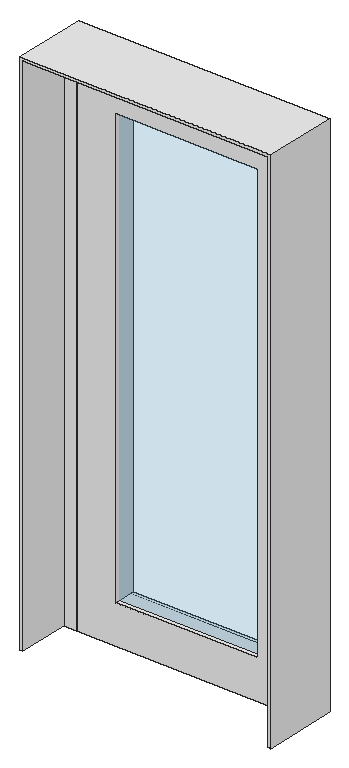
Revit family "Doorset_Exterior Door High Security with Escape Route Terminal_ASSA ABLOY DE_Hardware Light", category Doors, host Wall, Revit 2015
Parameters (values of type "900 x 2110 mm (1000 x 2160 mm)")
  Uniclass 2.0 Description = "Doorsets"
  Uniclass 2.0 Code = "PR-59-23"
  Uniclass 1.4 Description = "Doors"
  Uniclass 1.4 Code = "L411"
  URL = "http://www.assaabloy.de/de/local/de/bim-spezifikationen/bim-tuerloesungen/bim/eingangs-sicherheitstuer-mit-fluchttuersteuerterminal-de07/"
  Type Comments = "900 x 2110 mm (1000 x 2160 mm)"
  Thickness Constraint = if(Thickness < Minimum Thickness, Minimum Thickness, if(Thickness > Maximum Thickness, Maximum Thickness, Thickness))  # 90 mm
  Thickness = 90 mm
  Strikes, Magnetic Locks and Bolts = "1x Escape Route Strike_331U80_Effeff"  # constant formula
  Rough Width = Width + 24 mm  # 1024 mm
  Rough Height = Height + 12 mm  # 2172 mm
  Region Europe = "DE"
  Provider = "ASSA ABLOY DE"  # constant formula
  Product Guid = "b5c892cf-2a41-4025-b72d-0596e90751de"
  Panic and Exit Devices_2 = "1x Control Terminal_Flush-mounted 1380-15_Effeff"  # constant formula
  Panic and Exit Devices_1 = "1x Control Device_720-40_effeff"  # constant formula
  Panel Width = Width - (2 mm * 50)  # 900 mm
  Panel Material = Steel/Aluminium
  Panel Height = Height - 50 mm  # 2110 mm
  OmniClass Title = "Doors"
  OmniClass Number = "23-17 11 00"
  Name = "Entrance Door High Security with Escape Route Terminal"  # constant formula
  NBS Reference Description = "Doorsets"
  NBS Reference Code = "59-23"
  Model = "Doorset_Entrance Door High Security with Escape Route Terminal_ASSA ABLOY DE_Hardware Light"  # constant formula
  Minimum Thickness = 38 mm  # constant formula
  Minimum Door Width = 900 mm  # constant formula
  Minimum Door Height = 2110 mm  # constant formula
  Maximum Thickness = 105 mm  # constant formula
  Maximum Door Width = 1500 mm  # constant formula
  Maximum Door Height = 3750 mm  # constant formula
  Manufacturer = "ASSA ABLOY"  # constant formula
  Locksets = "1x Motor multiple locking _OneSystem_ASSA ABLOY"  # constant formula
  Identity and Access Solutions_4 = "1x SCALA Reader (outside)_SCALA_Effeff"  # constant formula
  Identity and Access Solutions_3 = "1x SCALA Reader (inside)_SCALA_Effeff"  # constant formula
  Identity and Access Solutions_2 = "1x SCALAnet Controller_SCALA_Effeff"  # constant formula
  Identity and Access Solutions_1 = "1x SCALAnet Software_SCALA_Effeff"  # constant formula
  IFC Classification = "Door"
  Hardware Set = "ES1-AC-ML-ET-HS-DC-DE07"  # constant formula
  Function = Exterior
  Height = if(Frame Height < Minimum Door Height, Minimum Door Height + 50 mm, if(Frame Height > Maximum Door Height, Maximum Door Height + 50 mm, Frame Height))  # 2160 mm
  Wall Closure = By host
  Width = if(Frame Width < Minimum Door Width, Minimum Door Width + 100 mm, if(Frame Width > Maximum Door Width, Maximum Door Width + 100 mm, Frame Width))  # 1000 mm
  Frame Width = 1000 mm
  Frame Material = Steel/Aluminium
  Frame Height = 2160 mm
  Frame Depth [instance] = Thickness Constraint  # 90 mm
  Electronic Accessories_4 = "1x Cable__ASSA ABLOY"  # constant formula
  Electronic Accessories_3 = "1x Power Supply_SCALA_Effeff"  # constant formula
  Electronic Accessories_2 = "1x Power Supply_1003_Effeff"  # constant formula
  Electronic Accessories_1 = "1x IO-Module_OneSystem_ASSA ABLOY"  # constant formula
  Edition number = 1
  Door Width [instance] = 1000 mm
  Door Height [instance] = 2160 mm
  Door Closers = "1x Door Closer DC700 with guide rail_Cam-Motion®_ASSA ABLOY"  # constant formula
  Description = "Self Closing Exterior Door with Access Control"  # constant formula
  Date of publishing = "22.09.2016"
  Contact Provider = "www.assaabloy.de/kontakt-tuerloesungen/"
  BIMobject Unique ref = "ES1-AC-ML-ET-HS-DC-DE07"
  BIMobject Product Page = "http://bimobject.com/assaabloy-de/product/es1-ac-ml-et-hs-dc-de07"
  BIMobject Product Group = "Single-Steel/Aluminium-Self Closing-Access Control-Escape Route"
  BIMobject Product Family = "Exterior Door Solutions"
  BIMobject Instructions Video = "https://www.youtube.com/watch?v=BP0i_x6Tqq8&feature=youtu.be"
  BIMobject Brand = "ASSA ABLOY DE"
  Architectural Hardware = "1x Handle (inside) + Knob (outside)_OneSystem_ASSA ABLOY"  # constant formula
  Architectural Accessory = "1x Lead cover_10314_Effeff"  # constant formula
Types (8, lengths in mm): name | Type Comments | Rough Width | Rough Height | Panel Width | Panel Height | Height | Width | Frame Width | Frame Height | Door Width | Door Height
  (no name) | "900 x 2110 mm (1000 x 2160 mm)" | 1024 | 2172 | 900 | 2110 | 2160 | 1000 | 1000 | 2160 | 1000 | 2160
  900 x 2110 mm (1000 x 2160 mm) | "900 x 2110 mm (1000 x 2160 mm)" | 1024 | 2172 | 900 | 2110 | 2160 | 1000 | 1000 | 2160 | 1000 | 2160
  1000 x 2500 mm (1100 x 2550 mm) | "1000 x 2500 mm (1100 x 2550 mm)" | 1124 | 2562 | 1000 | 2500 | 2550 | 1100 | 1100 | 2550 | 1100 | 2550
  1000 x 2110 mm (1100 x 2160 mm) | "1000 x 2110 mm (1100 x 2160 mm)" | 1124 | 2172 | 1000 | 2110 | 2160 | 1100 | 1100 | 2160 | 1100 | 2160
  1000 x 3750 mm (1100 x 3800 mm) | "1000 x 3750 mm (1100 x 3800 mm)" | 1124 | 3812 | 1000 | 3750 | 3800 | 1100 | 1100 | 3800 | 1100 | 3800
  1300 x 2500 mm (1400 x 2550 mm) | "1300 x 2500 mm (1400 x 2550 mm)" | 1424 | 2562 | 1300 | 2500 | 2550 | 1400 | 1400 | 2550 | 1400 | 2550
  1300 x 3750 mm (1400 x 3800 mm) | "1300 x 3750 mm (1400 x 3800 mm)" | 1424 | 3812 | 1300 | 3750 | 3800 | 1400 | 1400 | 3800 | 1400 | 3800
  1500 x 3750 mm (1600 x 3800 mm) | "1500 x 3750 mm (1600 x 3800 mm)" | 1624 | 3812 | 1500 | 3750 | 3800 | 1600 | 1600 | 3800 | 1600 | 3800
Reference planes
  plane 1: y = 0
  plane 2 "Center (Left/Right)": x = 0
  plane 3 "Exterior": y = 150
  plane 4 "Interior": y = -150
  plane 5: x = -512
  plane 6: x = 512
  plane 7: z = 2172
  plane 8: x = 500
  plane 9: x = -500
  plane 10: z = 2160
  plane 11: x = 450
  plane 12: x = -450
  plane 13: z = 2110
  plane 14: x = 290
  plane 15: x = -290
  plane 16: z = 1950
  plane 17: z = 160
  plane 18: z = 1055
  plane 19: y = 60
  plane 20: y = 135
  plane 21: y = 75
  plane 22: y = 1174
  plane 23: y = 1050
  plane 24: x = 360
  plane 25: x = -415
  plane 26: x = -662
  plane 27: x = 385.5
Forms (mm)
  Extrusion 1, solid, material "Steel/Aluminium" <- "Frame Material"
    sketch origin (0, 150, 0) x (1, 0, 0) y (0, 0, 1)
      loop
        line (-500, 2160) -> (-500, 0) -> (-450, 0) -> (-450, 2110) -> (450, 2110) -> (450, 0) -> (500, 0) -> (500, 2160) -> (-500, 2160)
    from 0 to 90
  Extrusion 2, solid, material "Steel/Aluminium" <- "Panel Material"
    sketch origin (0, 150, 0) x (1, 0, 0) y (0, 0, 1)
      loop
        line (-450, 2110) -> (-450, 0) -> (450, 0) -> (450, 2110) -> (-450, 2110)
      loop
        line (-290, 1950) -> (-290, 160) -> (290, 160) -> (290, 1950) -> (-290, 1950)
    from 0 to 90
  Extrusion 3, solid, material "Door Glass"
    sketch origin (0, 150, 0) x (1, 0, 0) y (0, 0, 1)
      loop
        line (-290, 1950) -> (-290, 160) -> (290, 160) -> (290, 1950) -> (-290, 1950)
    from 15 to 75
  Extrusion 4, solid, material "Steel/Aluminium" <- "Frame Material"
    sketch origin (0, 150, 0) x (1, 0, 0) y (0, 0, 1)
      loop
        line (512, 2172) -> (-512, 2172) -> (-512, 0) -> (-500, 0) -> (-500, 2160) -> (500, 2160) -> (500, 0) -> (512, 0) -> (512, 2172)
    from 0 to 300
Lines and regions (mm)
  Opening 1
    outline origin (-5000, -150, 0) x (1, 0, 0) y (0, 0, 1)
      loop
        line (5512, 2172) -> (4488, 2172) -> (4488, 0) -> (5512, 0) -> (5512, 2172)
  Masking region 1
    outline origin (0, 0, 0) x (1, 0, 0) y (0, 1, 0)
      loop
        line (512, 150) -> (-512, 150) -> (-512, -150) -> (512, -150) -> (512, 150)
  Masking region 2, detail levels medium
    outline origin (0, 0, 0) x (1, 0, 0) y (0, 1, 0)
      loop
        line (-500, 60) -> (-450, 60) -> (-450, 150) -> (-500, 150) -> (-500, 60)
      loop
        line (500, 60) -> (500, 150) -> (450, 150) -> (450, 60) -> (500, 60)
  Masking region 3, detail levels medium
    outline origin (0, 0, 0) x (1, 0, 0) y (0, 1, 0)
      loop
        line (360, 1050) -> (360, 150) -> (450, 150) -> (450, 1050) -> (360, 1050)
  Masking region 4, detail levels fine
    outline origin (0, 0, 0) x (1, 0, 0) y (0, 1, 0)
      loop
        line (435, 1050) -> (435, 1040) -> (375, 1040) -> (375, 1030) -> (360, 1030) -> (360, 170) -> (375, 170) -> (375, 160) -> (435, 160) -> (435, 150) -> (450, 150) -> (450, 1050) -> (435, 1050)
  Masking region 5, detail levels fine
    outline origin (0, 0, 0) x (1, 0, 0) y (0, 1, 0)
      loop
        line (-450, 150) -> (-500, 150) -> (-500, 60) -> (-430, 60) -> (-430, 75) -> (-440, 75) -> (-440, 135) -> (-450, 135) -> (-450, 150)
      loop
        line (500, 60) -> (500, 150) -> (450, 150) -> (450, 135) -> (440, 135) -> (440, 75) -> (430, 75) -> (430, 60) -> (500, 60)
  Masking region 6
    outline origin (512, 150, 2172) x (0, 0, -1) y (0, -1, 0)
      loop
        line (12, 0) -> (2172, 0) -> (2172, 90) -> (12, 90) -> (12, 0)
  Masking region 7, detail levels fine
    outline origin (0, 0, 0) x (1, 0, 0) y (0, 1, 0)
      loop
        line (488.444, 989) -> (504.314, 973.13) -> (519.87, 988.686) -> (497.556, 1011) -> (466, 1011) -> (466, 1016.5) -> (450, 1016.5) -> (450, 983.5) -> (466, 983.5) -> (466, 989) -> (488.444, 989)
  Masking region 8, detail levels fine
    outline origin (0, 0, 0) x (1, 0, 0) y (0, 1, 0)
      loop
        arc (504.314, 973.13) -> (549.406, 943.594) -> (519.87, 988.686) r 27.532
        line (519.87, 988.686) -> (504.314, 973.13)
  Masking region 9, not visible, detail levels fine
    outline origin (0, 0, 0) x (1, 0, 0) y (0, 1, 0)
      loop
        line (488.444, 989) -> (504.314, 973.13) -> (519.87, 988.686) -> (497.556, 1011) -> (466, 1011) -> (466, 1016.5) -> (450, 1016.5) -> (450, 983.5) -> (466, 983.5) -> (466, 989) -> (488.444, 989)
  Masking region 10, not visible, detail levels fine
    outline origin (0, 0, 0) x (1, 0, 0) y (0, 1, 0)
      loop
        arc (504.314, 973.13) -> (549.406, 943.594) -> (519.87, 988.686) r 27.532
        line (519.87, 988.686) -> (504.314, 973.13)
  Masking region 11, detail levels fine
    outline origin (0, 0, 0) x (1, 0, 0) y (0, 1, 0)
      loop
        line (279.5, 949.019) -> (279.5, 900)
        arc (279.5, 900) -> (291.069, 872.069) -> (319, 860.5) r 39.5
        line (319, 860.5) -> (331, 860.5) -> (331, 879.5) -> (319, 879.5)
        arc (319, 879.5) -> (304.504, 885.504) -> (298.5, 900) r 20.5
        line (298.5, 900) -> (298.5, 949.019)
        arc (298.5, 949.019) -> (299.028, 953.031) -> (300.577, 956.769) r 15.5
        line (300.577, 956.769) -> (315.577, 982.75)
        arc (315.577, 982.75) -> (321.25, 988.423) -> (329, 990.5) r 15.5
        line (329, 990.5) -> (344, 990.5) -> (344, 983.5) -> (360, 983.5) -> (360, 1016.5) -> (344, 1016.5) -> (344, 1009.5) -> (329, 1009.5)
        arc (329, 1009.5) -> (311.75, 1004.878) -> (299.122, 992.25) r 34.5
        line (299.122, 992.25) -> (284.122, 966.269)
        arc (284.122, 966.269) -> (280.676, 957.948) -> (279.5, 949.019) r 34.5
  Masking region 12, not visible, detail levels fine
    outline origin (0, 0, 0) x (1, 0, 0) y (0, 1, 0)
      loop
        line (279.5, 949.019) -> (279.5, 900)
        arc (279.5, 900) -> (291.069, 872.069) -> (319, 860.5) r 39.5
        line (319, 860.5) -> (331, 860.5) -> (331, 879.5) -> (319, 879.5)
        arc (319, 879.5) -> (304.504, 885.504) -> (298.5, 900) r 20.5
        line (298.5, 900) -> (298.5, 949.019)
        arc (298.5, 949.019) -> (299.028, 953.031) -> (300.577, 956.769) r 15.5
        line (300.577, 956.769) -> (315.577, 982.75)
        arc (315.577, 982.75) -> (321.25, 988.423) -> (329, 990.5) r 15.5
        line (329, 990.5) -> (344, 990.5) -> (344, 983.5) -> (360, 983.5) -> (360, 1016.5) -> (344, 1016.5) -> (344, 1009.5) -> (329, 1009.5)
        arc (329, 1009.5) -> (311.75, 1004.878) -> (299.122, 992.25) r 34.5
        line (299.122, 992.25) -> (284.122, 966.269)
        arc (284.122, 966.269) -> (280.676, 957.948) -> (279.5, 949.019) r 34.5
  Masking region 13, detail levels fine
    outline origin (0, 0, 0) x (1, 0, 0) y (0, 1, 0)
      loop
        line (-707.865, 150) -> (-615.858, 150) -> (-615.858, 172.316) -> (-707.865, 172.316) -> (-707.865, 150)
  Masking region 14, not visible, detail levels fine
    outline origin (0, 0, 0) x (1, 0, 0) y (0, 1, 0)
      loop
        line (-707.865, 150) -> (-615.858, 150) -> (-615.858, 172.316) -> (-707.865, 172.316) -> (-707.865, 150)
  Masking region 15, detail levels fine
    outline origin (0, 0, 0) x (1, 0, 0) y (0, 1, 0)
      loop
        line (-702.5, -159.3) -> (-689.706, -159.3) -> (-689.706, -171.887) -> (-684.45, -177.142) -> (-639.575, -177.142) -> (-634.319, -171.887) -> (-634.319, -159.3) -> (-621.5, -159.3) -> (-621.5, -150) -> (-702.5, -150) -> (-702.5, -159.3)
  Masking region 16, not visible, detail levels fine
    outline origin (0, 0, 0) x (1, 0, 0) y (0, 1, 0)
      loop
        line (-702.5, -159.3) -> (-689.706, -159.3) -> (-689.706, -171.887) -> (-684.45, -177.142) -> (-639.575, -177.142) -> (-634.319, -171.887) -> (-634.319, -159.3) -> (-621.5, -159.3) -> (-621.5, -150) -> (-702.5, -150) -> (-702.5, -159.3)
  Masking region 17, detail levels fine
    outline origin (0, 0, 0) x (0, 1, 0) y (0, 0, 1)
      loop
        line (-160, 1277.5) -> (-162.027, 1277.5) -> (-162.027, 1222.5) -> (-160, 1222.5)
        arc (-160, 1222.5) -> (-157.376, 1215.77) -> (-152.5, 1210.441) r 19.675
        line (-152.5, 1210.441) -> (-150, 1209.771) -> (-150, 1290.229) -> (-152.5, 1289.559)
        arc (-152.5, 1289.559) -> (-157.376, 1284.23) -> (-160, 1277.5) r 19.675
  Masking region 18, not visible, detail levels fine
    outline origin (0, 0, 0) x (0, 1, 0) y (0, 0, 1)
      loop
        line (-160, 1277.5) -> (-162.027, 1277.5) -> (-162.027, 1222.5) -> (-160, 1222.5)
        arc (-160, 1222.5) -> (-157.376, 1215.77) -> (-152.5, 1210.441) r 19.675
        line (-152.5, 1210.441) -> (-150, 1209.771) -> (-150, 1290.229) -> (-152.5, 1289.559)
        arc (-152.5, 1289.559) -> (-157.376, 1284.23) -> (-160, 1277.5) r 19.675
  Masking region 19, detail levels fine
    outline origin (0, 0, 0) x (0, 1, 0) y (0, 0, 1)
      loop
        line (-159.3, 1090.5) -> (-159.3, 1077.5) -> (-171.887, 1077.5) -> (-176.887, 1072.5) -> (-176.887, 1027.5) -> (-171.887, 1022.5) -> (-159.3, 1022.5) -> (-159.3, 938.5) -> (-150, 938.5) -> (-150, 1090.5) -> (-159.3, 1090.5)
  Masking region 20, not visible, detail levels fine
    outline origin (0, 0, 0) x (0, 1, 0) y (0, 0, 1)
      loop
        line (-159.3, 1090.5) -> (-159.3, 1077.5) -> (-171.887, 1077.5) -> (-176.887, 1072.5) -> (-176.887, 1027.5) -> (-171.887, 1022.5) -> (-159.3, 1022.5) -> (-159.3, 938.5) -> (-150, 938.5) -> (-150, 1090.5) -> (-159.3, 1090.5)
  Masking region 21, detail levels fine
    outline origin (0, 0, 0) x (0, 1, 0) y (0, 0, 1)
      loop
        line (60, 1155) -> (44, 1155) -> (44, 1059.5) -> (-11, 1059.5)
        arc (-11, 1059.5) -> (-20.5, 1050) -> (-11, 1040.5) r 9.5
        line (-11, 1040.5) -> (44, 1040.5) -> (44, 900) -> (60, 900) -> (60, 1155)
  Masking region 22, not visible, detail levels fine
    outline origin (0, 0, 0) x (0, 1, 0) y (0, 0, 1)
      loop
        line (60, 1155) -> (44, 1155) -> (44, 1059.5) -> (-11, 1059.5)
        arc (-11, 1059.5) -> (-20.5, 1050) -> (-11, 1040.5) r 9.5
        line (-11, 1040.5) -> (44, 1040.5) -> (44, 900) -> (60, 900) -> (60, 1155)
  Masking region 23, detail levels fine
    outline origin (0, 0, 0) x (0, 1, 0) y (0, 0, 1)
      loop
        line (150, 1155) -> (150, 900) -> (166, 900) -> (166, 1040.5) -> (204.75, 1040.5)
        arc (204.75, 1040.5) -> (257.21, 1050) -> (204.75, 1059.5) r 27.09
        line (204.75, 1059.5) -> (166, 1059.5) -> (166, 1155) -> (150, 1155)
  Masking region 24, not visible, detail levels fine
    outline origin (0, 0, 0) x (0, 1, 0) y (0, 0, 1)
      loop
        line (150, 1155) -> (150, 900) -> (166, 900) -> (166, 1040.5) -> (204.75, 1040.5)
        arc (204.75, 1040.5) -> (257.21, 1050) -> (204.75, 1059.5) r 27.09
        line (204.75, 1059.5) -> (166, 1059.5) -> (166, 1155) -> (150, 1155)
  Masking region 25, detail levels fine
    outline origin (0, 0, 160) x (0, 1, 0) y (0, 0, 1)
      loop
        line (60, 1950) -> (60, 1972.942) -> (16.334, 1972.942) -> (16.334, 1950) -> (28.339, 1950) -> (28.339, 1947.15) -> (19.3, 1947.15) -> (19.3, 1933.5) -> (3, 1933.5) -> (3, 1904) -> (4, 1904) -> (4, 1899) -> (3, 1899) -> (3, 1869.5) -> (60, 1869.5) -> (60, 1933.5) -> (41.3, 1933.5) -> (41.3, 1942.15) -> (50.332, 1942.15) -> (50.332, 1950) -> (60, 1950)
  Masking region 26, not visible, detail levels fine
    outline origin (0, 0, 0) x (0, 1, 0) y (0, 0, 1)
      loop
        line (60, 1950) -> (60, 1972.942) -> (16.334, 1972.942) -> (16.334, 1950) -> (28.339, 1950) -> (28.339, 1947.15) -> (19.3, 1947.15) -> (19.3, 1933.5) -> (3, 1933.5) -> (3, 1904) -> (4, 1904) -> (4, 1899) -> (3, 1899) -> (3, 1869.5) -> (60, 1869.5) -> (60, 1933.5) -> (41.3, 1933.5) -> (41.3, 1942.15) -> (50.332, 1942.15) -> (50.332, 1950) -> (60, 1950)
  symbolic lines, style "Elevation Swing"
    curve 1: line (450, 150, 2110) -> (-450, 150, 1055)
    curve 2: line (-450, 150, 1055) -> (450, 150, 0)
  symbolic lines, style "DoorsPanelProjection", detail levels coarse
    curve 3: line (512, 150, 0) -> (512, 1174, 0)
  symbolic lines, style "Plan Swing", detail levels coarse
    curve 4: arc (-512, 150, 0) -> (-212.077, 874.077, 0) -> (512, 1174, 0) r 1024
  symbolic lines, style "Plan Swing", detail levels medium+fine
    curve 5: arc (-450, 150, 0) -> (-186.396, 786.396, 0) -> (450, 1050, 0) r 900
  symbolic lines, detail levels fine
    curve 6: line (450, 150, 0) -> (-450, 150, 0)
    curve 7: line (-450, 60, 0) -> (450, 60, 0)
    curve 12: line (466, 1011, 0) -> (466, 989, 0)
    curve 14: line (344, 1009.5, 0) -> (344, 990.5, 0)
    curve 16: line (-689.706, -159.3, 0) -> (-634.319, -159.3, 0)
    curve 17: line (-634.319, -171.887, 0) -> (-689.706, -171.887, 0)
    curve 20: line (0, -152.5, 1289.559) -> (0, -152.5, 1210.441)
    curve 21: line (0, -160, 1222.5) -> (0, -160, 1277.5)
    curve 24: line (0, -159.3, 1077.5) -> (0, -159.3, 1022.5)
    curve 25: line (0, -171.887, 1077.5) -> (0, -171.887, 1022.5)
    curve 28: line (0, 44, 1059.5) -> (0, 44, 1040.5)
    curve 30: line (0, 166, 1059.5) -> (0, 166, 1040.5)
    curve 31: arc (0, 204.75, 1059.5) -> (0, 203.03, 1050) -> (0, 204.75, 1040.5) r 27.09
    curve 198: line (0, 4, 2064) -> (0, 28.185, 2064)
    curve 199: line (0, 28.185, 2059) -> (0, 4, 2059)
    curve 200: arc (0, 45, 2049.5) -> (0, 33, 2061.5) -> (0, 45, 2073.5) r 12
    curve 201: line (0, 60, 2073.5) -> (0, 45, 2073.5)
    curve 202: line (0, 45, 2049.5) -> (0, 60, 2049.5)
    curve 203: line (0, 60, 2044.5) -> (0, 45, 2044.5)
    curve 204: arc (0, 28.185, 2059) -> (0, 33.898, 2048.626) -> (0, 45, 2044.5) r 17
    curve 205: line (0, 45, 2078.5) -> (0, 60, 2078.5)
    curve 206: line (0, 19.3, 2093.5) -> (0, 41.3, 2093.5)
    curve 207: line (0, 41.297, 2102.15) -> (0, 19.303, 2102.15)
    curve 208: line (0, 28.339, 2107.15) -> (0, 50.335, 2107.15)
    curve 209: line (0, 28.339, 2110) -> (0, 50.332, 2110)
    curve 210: arc (0, 28.185, 2064) -> (0, 33.898, 2074.374) -> (0, 45, 2078.5) r 17
  symbolic lines, style "Doors", detail levels medium+fine
    curve 8: line (512, 60, 2110) -> (512, 150, 2110)
    curve 9: line (512, 60, 1950) -> (512, 150, 1950)
    curve 10: line (512, 60, 160) -> (512, 150, 160)
  symbolic lines, style "Doors", detail levels fine
    curve 11: line (512, 105, 1950) -> (512, 105, 160)
  symbolic lines, not visible, detail levels fine
    curve 13: line (466, 1011, 0) -> (466, 989, 0)
    curve 15: line (344, 1009.5, 0) -> (344, 990.5, 0)
    curve 18: line (-689.706, -159.3, 0) -> (-634.319, -159.3, 0)
    curve 19: line (-634.319, -171.887, 0) -> (-689.706, -171.887, 0)
    curve 22: line (0, -152.5, 1289.559) -> (0, -152.5, 1210.441)
    curve 23: line (0, -160, 1222.5) -> (0, -160, 1277.5)
    curve 26: line (0, -159.3, 1077.5) -> (0, -159.3, 1022.5)
    curve 27: line (0, -171.887, 1077.5) -> (0, -171.887, 1022.5)
    curve 29: line (0, 44, 1059.5) -> (0, 44, 1040.5)
    curve 32: line (0, 166, 1059.5) -> (0, 166, 1040.5)
    curve 33: arc (0, 204.75, 1059.5) -> (0, 203.03, 1050) -> (0, 204.75, 1040.5) r 27.09
    curve 211: line (0, 4, 1904) -> (0, 28.185, 1904)
    curve 212: line (0, 28.185, 1899) -> (0, 4, 1899)
    curve 213: arc (0, 45, 1889.5) -> (0, 33, 1901.5) -> (0, 45, 1913.5) r 12
    curve 214: line (0, 60, 1913.5) -> (0, 45, 1913.5)
    curve 215: line (0, 45, 1889.5) -> (0, 60, 1889.5)
    curve 216: line (0, 60, 1884.5) -> (0, 45, 1884.5)
    curve 217: arc (0, 28.185, 1899) -> (0, 33.898, 1888.626) -> (0, 45, 1884.5) r 17
    curve 218: line (0, 45, 1918.5) -> (0, 60, 1918.5)
    curve 219: line (0, 19.3, 1933.5) -> (0, 41.3, 1933.5)
    curve 220: line (0, 41.297, 1942.15) -> (0, 19.303, 1942.15)
    curve 221: line (0, 28.339, 1947.15) -> (0, 50.335, 1947.15)
    curve 222: line (0, 28.339, 1950) -> (0, 50.332, 1950)
    curve 223: arc (0, 28.185, 1904) -> (0, 33.898, 1914.374) -> (0, 45, 1918.5) r 17
  model lines, style "Assa Abloy Hardware", detail levels fine
    curve 34: line (-118, 60, 2133) -> (385.5, 60, 2133)
    curve 35: line (-118, 60, 2110) -> (-118, 60, 2133)
    curve 36: line (385.5, 60, 2110) -> (-118, 60, 2110)
    curve 37: line (385.5, 60, 2133) -> (385.5, 60, 2110)
    curve 38: line (115.5, 60, 2093.5) -> (385.5, 60, 2093.5)
    curve 39: line (115.5, 60, 2029.5) -> (115.5, 60, 2093.5)
    curve 40: line (385.5, 60, 2029.5) -> (115.5, 60, 2029.5)
    curve 41: line (385.5, 60, 2093.5) -> (385.5, 60, 2029.5)
    curve 42: line (-83.89, 60, 2102.15) -> (-83.89, 60, 2110)
    curve 43: line (-83.89, 60, 2102.15) -> (308, 60, 2102.15)
    curve 44: line (308, 60, 2107.15) -> (308, 60, 2093.5)
    curve 45: line (308, 60, 2107.15) -> (-83.89, 60, 2107.15)
    curve 46: line (-62, 60, 2107.15) -> (-62, 60, 2110)
    curve 47: line (286.035, 60, 2102.15) -> (286.035, 60, 2093.5)
    curve 48: line (115.5, 60, 2064) -> (385.5, 60, 2064)
    curve 49: line (385.5, 60, 2059) -> (115.5, 60, 2059)
    curve 50: line (116.5, 60, 2064) -> (116.5, 60, 2059)
    curve 51: line (384.5, 60, 2059) -> (384.5, 60, 2064)
    curve 70: line (-431.5, 60, 916.5) -> (-431.5, 60, 1138.5)
    curve 71: arc (-431.5, 60, 1138.5) -> (-415, 60, 1155) -> (-398.5, 60, 1138.5) r 16.5
    curve 72: line (-398.5, 60, 1138.5) -> (-398.5, 60, 1059.5)
    curve 73: line (-398.5, 60, 1040.5) -> (-398.5, 60, 916.5)
    curve 74: arc (-415, 60, 1059.5) -> (-424.5, 60, 1050) -> (-415, 60, 1040.5) r 9.5
    curve 75: arc (-285, 60, 1040.5) -> (-275.5, 60, 1050) -> (-285, 60, 1059.5) r 9.5
    curve 76: line (-415, 60, 1059.5) -> (-285, 60, 1059.5)
    curve 77: line (-285, 60, 1040.5) -> (-415, 60, 1040.5)
    curve 78: arc (-431.5, 60, 916.5) -> (-415, 60, 900) -> (-398.5, 60, 916.5) r 16.5
    curve 79: line (-398.5, 150, 916.5) -> (-398.5, 150, 1031.928)
    curve 80: line (-398.5, 150, 1068.072) -> (-398.5, 150, 1138.5)
    curve 81: arc (-398.5, 150, 1138.5) -> (-415, 150, 1155) -> (-431.5, 150, 1138.5) r 16.5
    curve 82: line (-431.5, 150, 1138.5) -> (-431.5, 150, 916.5)
    curve 83: arc (-431.5, 150, 916.5) -> (-415, 150, 900) -> (-398.5, 150, 916.5) r 16.5
    curve 84: arc (-415, 150, 1061) -> (-426, 150, 1050) -> (-415, 150, 1039) r 11
    curve 85: line (-415, 150, 1061) -> (-402.973, 150, 1061)
    curve 86: line (-415, 150, 1039) -> (-402.973, 150, 1039)
    curve 87: circle (-377.756, 150, 1050) r 27.512 normal (0, 1, 0)
    curve 106: line (-616.087, 150, 1095.913) -> (-707.913, 150, 1095.913)
    curve 107: line (-616.087, 150, 1004.087) -> (-616.087, 150, 1095.913)
    curve 108: line (-707.913, 150, 1004.087) -> (-616.087, 150, 1004.087)
    curve 109: line (-707.913, 150, 1095.913) -> (-707.913, 150, 1004.087)
    curve 110: line (-637.942, 150, 1074.058) -> (-686.058, 150, 1074.058)
    curve 111: line (-637.942, 150, 1025.942) -> (-637.942, 150, 1074.058)
    curve 112: line (-686.058, 150, 1025.942) -> (-637.942, 150, 1025.942)
    curve 113: line (-686.058, 150, 1074.058) -> (-686.058, 150, 1025.942)
    curve 122: line (-702, -150, 1290) -> (-622, -150, 1290)
    curve 123: line (-702, -150, 1210) -> (-702, -150, 1290)
    curve 124: line (-622, -150, 1210) -> (-702, -150, 1210)
    curve 125: line (-622, -150, 1290) -> (-622, -150, 1210)
    curve 126: line (-689.499, -150, 1277.499) -> (-634.501, -150, 1277.499)
    curve 127: line (-689.499, -150, 1222.501) -> (-689.499, -150, 1277.499)
    curve 128: line (-634.501, -150, 1222.501) -> (-689.499, -150, 1222.501)
    curve 129: line (-634.501, -150, 1277.499) -> (-634.501, -150, 1222.501)
    curve 130: line (-689.499, -150, 1277.499) -> (-701.815, -150, 1289.815)
    curve 131: line (-634.501, -150, 1277.499) -> (-622.167, -150, 1289.833)
    curve 132: line (-634.501, -150, 1222.501) -> (-621.832, -150, 1209.833)
    curve 133: line (-689.499, -150, 1222.501) -> (-701.558, -150, 1210.442)
    curve 146: line (-702.5, -150, 1090.5) -> (-621.5, -150, 1090.5)
    curve 147: line (-702.5, -150, 938.5) -> (-702.5, -150, 1090.5)
    curve 148: line (-621.5, -150, 938.5) -> (-702.5, -150, 938.5)
    curve 149: line (-621.5, -150, 1090.5) -> (-621.5, -150, 938.5)
    curve 150: line (-689.5, -150, 1006.5) -> (-634.5, -150, 1006.5)
    curve 151: line (-689.5, -150, 951.5) -> (-689.5, -150, 1006.5)
    curve 152: line (-634.5, -150, 951.5) -> (-689.5, -150, 951.5)
    curve 153: line (-634.5, -150, 1006.5) -> (-634.5, -150, 951.5)
    curve 154: line (-689.5, -150, 1077.5) -> (-634.5, -150, 1077.5)
    curve 155: line (-689.5, -150, 1022.5) -> (-689.5, -150, 1077.5)
    curve 156: line (-634.5, -150, 1022.5) -> (-689.5, -150, 1022.5)
    curve 157: line (-634.5, -150, 1077.5) -> (-634.5, -150, 1022.5)
    curve 158: line (-643.03, -150, 1072.5) -> (-680.97, -150, 1072.5)
    curve 159: line (-680.97, -150, 1072.5) -> (-684.5, -150, 1068.97)
    curve 160: line (-684.5, -150, 1068.97) -> (-684.5, -150, 1031.03)
    curve 161: line (-684.5, -150, 1031.03) -> (-680.97, -150, 1027.5)
    curve 162: line (-680.97, -150, 1027.5) -> (-643.03, -150, 1027.5)
    curve 163: line (-643.03, -150, 1027.5) -> (-639.5, -150, 1031.03)
    curve 164: line (-639.5, -150, 1031.03) -> (-639.5, -150, 1068.97)
    curve 165: line (-639.5, -150, 1068.97) -> (-643.03, -150, 1072.5)
    curve 166: line (-657, -150, 959.5) -> (-657, -150, 972.126)
    curve 167: line (-667, -150, 972.126) -> (-667, -150, 959.5)
    curve 168: arc (-667, -150, 959.5) -> (-662, -150, 954.5) -> (-657, -150, 959.5) r 5
    curve 169: arc (-657, -150, 972.126) -> (-662, -150, 987.5) -> (-667, -150, 972.126) r 8.5
    curve 170: arc (-662, -150, 1035.1) -> (-676.9, -150, 1050) -> (-662, -150, 1064.9) r 14.9
    curve 171: arc (-662, -150, 1064.9) -> (-647.1, -150, 1050) -> (-662, -150, 1035.1) r 14.9
  model lines, style "Assa Abloy Hardware", not visible, detail levels fine
    curve 52: line (-118, 60, 2133) -> (385.5, 60, 2133)
    curve 53: line (-118, 60, 2110) -> (-118, 60, 2133)
    curve 54: line (385.5, 60, 2110) -> (-118, 60, 2110)
    curve 55: line (385.5, 60, 2133) -> (385.5, 60, 2110)
    curve 56: line (115.5, 60, 2093.5) -> (385.5, 60, 2093.5)
    curve 57: line (115.5, 60, 2029.5) -> (115.5, 60, 2093.5)
    curve 58: line (385.5, 60, 2029.5) -> (115.5, 60, 2029.5)
    curve 59: line (385.5, 60, 2093.5) -> (385.5, 60, 2029.5)
    curve 60: line (-83.89, 60, 2102.15) -> (-83.89, 60, 2110)
    curve 61: line (-83.89, 60, 2102.15) -> (308, 60, 2102.15)
    curve 62: line (308, 60, 2107.15) -> (308, 60, 2093.5)
    curve 63: line (308, 60, 2107.15) -> (-83.89, 60, 2107.15)
    curve 64: line (-62, 60, 2107.15) -> (-62, 60, 2110)
    curve 65: line (286.035, 60, 2102.15) -> (286.035, 60, 2093.5)
    curve 66: line (115.5, 60, 2064) -> (385.5, 60, 2064)
    curve 67: line (385.5, 60, 2059) -> (115.5, 60, 2059)
    curve 68: line (116.5, 60, 2064) -> (116.5, 60, 2059)
    curve 69: line (384.5, 60, 2059) -> (384.5, 60, 2064)
    curve 88: line (-431.5, 60, 916.5) -> (-431.5, 60, 1138.5)
    curve 89: arc (-431.5, 60, 1138.5) -> (-415, 60, 1155) -> (-398.5, 60, 1138.5) r 16.5
    curve 90: line (-398.5, 60, 1138.5) -> (-398.5, 60, 1059.5)
    curve 91: line (-398.5, 60, 1040.5) -> (-398.5, 60, 916.5)
    curve 92: arc (-415, 60, 1059.5) -> (-424.5, 60, 1050) -> (-415, 60, 1040.5) r 9.5
    curve 93: arc (-285, 60, 1040.5) -> (-275.5, 60, 1050) -> (-285, 60, 1059.5) r 9.5
    curve 94: line (-415, 60, 1059.5) -> (-285, 60, 1059.5)
    curve 95: line (-285, 60, 1040.5) -> (-415, 60, 1040.5)
    curve 96: arc (-431.5, 60, 916.5) -> (-415, 60, 900) -> (-398.5, 60, 916.5) r 16.5
    curve 97: line (-398.5, 150, 916.5) -> (-398.5, 150, 1031.928)
    curve 98: line (-398.5, 150, 1068.072) -> (-398.5, 150, 1138.5)
    curve 99: arc (-398.5, 150, 1138.5) -> (-415, 150, 1155) -> (-431.5, 150, 1138.5) r 16.5
    curve 100: line (-431.5, 150, 1138.5) -> (-431.5, 150, 916.5)
    curve 101: arc (-431.5, 150, 916.5) -> (-415, 150, 900) -> (-398.5, 150, 916.5) r 16.5
    curve 102: arc (-415, 150, 1061) -> (-426, 150, 1050) -> (-415, 150, 1039) r 11
    curve 103: line (-415, 150, 1061) -> (-402.973, 150, 1061)
    curve 104: line (-415, 150, 1039) -> (-402.973, 150, 1039)
    curve 105: circle (-377.756, 150, 1050) r 27.512 normal (0, 1, 0)
    curve 114: line (-616.087, 150, 1095.913) -> (-707.913, 150, 1095.913)
    curve 115: line (-616.087, 150, 1004.087) -> (-616.087, 150, 1095.913)
    curve 116: line (-707.913, 150, 1004.087) -> (-616.087, 150, 1004.087)
    curve 117: line (-707.913, 150, 1095.913) -> (-707.913, 150, 1004.087)
    curve 118: line (-637.942, 150, 1074.058) -> (-686.058, 150, 1074.058)
    curve 119: line (-637.942, 150, 1025.942) -> (-637.942, 150, 1074.058)
    curve 120: line (-686.058, 150, 1025.942) -> (-637.942, 150, 1025.942)
    curve 121: line (-686.058, 150, 1074.058) -> (-686.058, 150, 1025.942)
    curve 134: line (-702, -150, 1290) -> (-622, -150, 1290)
    curve 135: line (-702, -150, 1210) -> (-702, -150, 1290)
    curve 136: line (-622, -150, 1210) -> (-702, -150, 1210)
    curve 137: line (-622, -150, 1290) -> (-622, -150, 1210)
    curve 138: line (-689.499, -150, 1277.499) -> (-634.501, -150, 1277.499)
    curve 139: line (-689.499, -150, 1222.501) -> (-689.499, -150, 1277.499)
    curve 140: line (-634.501, -150, 1222.501) -> (-689.499, -150, 1222.501)
    curve 141: line (-634.501, -150, 1277.499) -> (-634.501, -150, 1222.501)
    curve 142: line (-689.499, -150, 1277.499) -> (-701.815, -150, 1289.815)
    curve 143: line (-634.501, -150, 1277.499) -> (-622.167, -150, 1289.833)
    curve 144: line (-634.501, -150, 1222.501) -> (-621.832, -150, 1209.833)
    curve 145: line (-689.499, -150, 1222.501) -> (-701.558, -150, 1210.442)
    curve 172: line (-702.5, -150, 1090.5) -> (-621.5, -150, 1090.5)
    curve 173: line (-702.5, -150, 938.5) -> (-702.5, -150, 1090.5)
    curve 174: line (-621.5, -150, 938.5) -> (-702.5, -150, 938.5)
    curve 175: line (-621.5, -150, 1090.5) -> (-621.5, -150, 938.5)
    curve 176: line (-689.5, -150, 1006.5) -> (-634.5, -150, 1006.5)
    curve 177: line (-689.5, -150, 951.5) -> (-689.5, -150, 1006.5)
    curve 178: line (-634.5, -150, 951.5) -> (-689.5, -150, 951.5)
    curve 179: line (-634.5, -150, 1006.5) -> (-634.5, -150, 951.5)
    curve 180: line (-689.5, -150, 1077.5) -> (-634.5, -150, 1077.5)
    curve 181: line (-689.5, -150, 1022.5) -> (-689.5, -150, 1077.5)
    curve 182: line (-634.5, -150, 1022.5) -> (-689.5, -150, 1022.5)
    curve 183: line (-634.5, -150, 1077.5) -> (-634.5, -150, 1022.5)
    curve 184: line (-643.03, -150, 1072.5) -> (-680.97, -150, 1072.5)
    curve 185: line (-680.97, -150, 1072.5) -> (-684.5, -150, 1068.97)
    curve 186: line (-684.5, -150, 1068.97) -> (-684.5, -150, 1031.03)
    curve 187: line (-684.5, -150, 1031.03) -> (-680.97, -150, 1027.5)
    curve 188: line (-680.97, -150, 1027.5) -> (-643.03, -150, 1027.5)
    curve 189: line (-643.03, -150, 1027.5) -> (-639.5, -150, 1031.03)
    curve 190: line (-639.5, -150, 1031.03) -> (-639.5, -150, 1068.97)
    curve 191: line (-639.5, -150, 1068.97) -> (-643.03, -150, 1072.5)
    curve 192: line (-657, -150, 959.5) -> (-657, -150, 972.126)
    curve 193: line (-667, -150, 972.126) -> (-667, -150, 959.5)
    curve 194: arc (-667, -150, 959.5) -> (-662, -150, 954.5) -> (-657, -150, 959.5) r 5
    curve 195: arc (-657, -150, 972.126) -> (-662, -150, 987.5) -> (-667, -150, 972.126) r 8.5
    curve 196: arc (-662, -150, 1035.1) -> (-676.9, -150, 1050) -> (-662, -150, 1064.9) r 14.9
    curve 197: arc (-662, -150, 1064.9) -> (-647.1, -150, 1050) -> (-662, -150, 1035.1) r 14.9
Text (mm)
  text "Exterior" at (-2582.17, 525.235, 0), in view "Ref. Level"
  text "Exterior" at (0, 1615.38, 3698.081), in view "Left"
  text "Exterior" at (0, 1036.032, 3874.932), in view "Right"
Dimensions and locks
  locked: plane 3 "Exterior" to host wall at 0
  locked: plane 4 "Interior" to host wall
  equal spacing: plane 5, plane 2 "Center (Left/Right)", plane 6
  "Rough Width": plane 5 to plane 6
  "Rough Height": level to plane 7
  locked: plane 8 to plane 6 at 12
  locked: plane 5 to plane 9 at 12
  locked: plane 10 to plane 7 at 12
  locked: plane 11 to plane 8 at 50
  locked: plane 12 to plane 9 at 50
  locked: plane 13 to plane 10 at 50
  locked: plane 14 to plane 11 at 160
  locked: plane 15 to plane 12 at 160
  locked: plane 16 to plane 13 at 160
  locked: level to plane 17 at 160
  "Door Width": plane 9 to plane 8
  "Door Height": level to plane 10
  equal spacing: plane 17, plane 18, plane 16
  "Thickness Constraint": plane 19 to plane 3 "Exterior"
  locked: plane 20 to plane 3 "Exterior" at 15
  locked: plane 21 to plane 19 at 15
  "Rough Width": plane 3 "Exterior" to plane 22
  "Panel Width": plane 3 "Exterior" to plane 23
  "Thickness Constraint": plane 24 to plane 11
  locked: plane 24 to Masking region 4 sketch curve at 15  (x2)
  equal spacing: plane 3 "Exterior", curve 11, plane 19
  locked: plane 25 to plane 12 at 35
  locked: plane 26 to plane 5 at 150
  locked: plane 27 to plane 11 at 64.5
  locked: plane 23 to Masking region 7 at 39
  locked: plane 23 to Masking region 11 at 33.5
  locked: plane 26 to Masking region 13 at 46.142
  locked: plane 26 to Masking region 15 at 27.681
  locked: plane 17 to Masking region 17 at 1062.5
  locked: plane 17 to Masking region 19 at 778.5
  locked: plane 17 to Masking region 21 at 740
  locked: plane 17 to Masking region 23 at 740
  locked: plane 25 to curve 70 at 16.5
  locked: curve 77 to level at 1040.5
  locked: curve 107 to plane 26 at 45.913
  locked: level to curve 108 at 1004.087
  locked: curve 125 to plane 26 at 40
  locked: curve 124 to plane 17 at 1050
  locked: curve 149 to plane 26 at 40.5
  locked: curve 148 to plane 17 at 778.5
  aligned and locked: plane 1 to host wall
  aligned and locked: plane 7 to Opening 1 sketch curve
  aligned and locked: plane 6 to Opening 1 sketch curve
  aligned and locked: plane 5 to Opening 1 sketch curve
  aligned and locked: level to Opening 1 sketch curve
  aligned and locked: plane 10 to Extrusion 1 sketch curve
  aligned and locked: plane 8 to Extrusion 1 sketch curve
  aligned and locked: plane 11 to Extrusion 1 sketch curve
  aligned and locked: plane 13 to Extrusion 1 sketch curve
  aligned and locked: Extrusion 1 sketch curve to plane 12
  aligned and locked: Extrusion 1 sketch curve to plane 9
  aligned and locked: level to Extrusion 1 sketch curve  (x2)
  aligned and locked: Extrusion 1 to plane 3 "Exterior"
  aligned and locked: Extrusion 1 to plane 19
  aligned and locked: plane 13 to Extrusion 2 sketch curve
  aligned and locked: plane 16 to Extrusion 2 sketch curve
  aligned and locked: Extrusion 2 sketch curve to plane 12
  aligned and locked: Extrusion 2 sketch curve to plane 15
  aligned and locked: plane 14 to Extrusion 2 sketch curve
  aligned and locked: plane 11 to Extrusion 2 sketch curve
  aligned and locked: level to Extrusion 2 sketch curve
  aligned and locked: plane 17 to Extrusion 2 sketch curve
  aligned and locked: Extrusion 2 to plane 3 "Exterior"
  aligned and locked: Extrusion 2 to plane 19
  aligned and locked: plane 16 to Extrusion 3 sketch curve
  aligned and locked: Extrusion 3 sketch curve to plane 15
  aligned and locked: plane 14 to Extrusion 3 sketch curve
  aligned and locked: plane 17 to Extrusion 3 sketch curve
  aligned and locked: Extrusion 3 to plane 20
  aligned and locked: Extrusion 3 to plane 21
  aligned and locked: Masking region 1 sketch curve to plane 3 "Exterior"
  aligned and locked: Masking region 1 sketch curve to plane 4 "Interior"
  aligned and locked: Masking region 1 sketch curve to plane 5
  aligned and locked: Masking region 1 sketch curve to plane 6
  aligned and locked: curve 3 to plane 6
  aligned and locked: plane 22 to curve 3
  aligned and locked: plane 3 "Exterior" to curve 3
  aligned and locked: Masking region 2 sketch curve to plane 19  (x2)
  aligned and locked: Masking region 2 sketch curve to plane 3 "Exterior"  (x2)
  aligned and locked: plane 9 to Masking region 2 sketch curve
  aligned and locked: plane 12 to Masking region 2 sketch curve
  aligned and locked: Masking region 2 sketch curve to plane 8
  aligned and locked: Masking region 2 sketch curve to plane 11
  aligned and locked: Masking region 3 sketch curve to plane 23
  aligned and locked: Masking region 3 sketch curve to plane 11
  aligned and locked: Masking region 3 sketch curve to plane 24
  aligned and locked: Masking region 3 sketch curve to plane 3 "Exterior"
  aligned and locked: Masking region 4 sketch curve to plane 23
  aligned and locked: Masking region 4 sketch curve to plane 11
  aligned and locked: Masking region 4 sketch curve to plane 24
  aligned and locked: Masking region 4 sketch curve to plane 3 "Exterior"
  aligned and locked: Masking region 5 sketch curve to plane 3 "Exterior"  (x2)
  aligned and locked: Masking region 5 sketch curve to plane 19  (x2)
  aligned and locked: plane 9 to Masking region 5 sketch curve
  aligned and locked: plane 12 to Masking region 5 sketch curve
  aligned and locked: Masking region 5 sketch curve to plane 20
  aligned and locked: Masking region 5 sketch curve to plane 21
  aligned and locked: Masking region 5 sketch curve to plane 8
  aligned and locked: Masking region 5 sketch curve to plane 11
  aligned and locked: plane 20 to Masking region 5 sketch curve
  aligned and locked: plane 21 to Masking region 5 sketch curve
  aligned and locked: curve 6 to plane 3 "Exterior"
  aligned and locked: curve 7 to plane 19
  aligned and locked: plane 12 to curve 6
  aligned and locked: plane 11 to curve 6
  aligned and locked: plane 11 to curve 7
  aligned and locked: plane 12 to curve 7
  aligned and locked: Masking region 6 sketch curve to plane 3 "Exterior"
  aligned and locked: Masking region 6 sketch curve to level
  aligned and locked: curve 8 to plane 13
  aligned and locked: plane 3 "Exterior" to curve 8
  aligned and locked: plane 19 to curve 8
  aligned and locked: curve 9 to plane 16
  aligned and locked: curve 10 to plane 17
  aligned and locked: plane 3 "Exterior" to curve 10
  aligned and locked: plane 3 "Exterior" to curve 9
  aligned and locked: plane 16 to curve 11
  aligned and locked: plane 17 to curve 11
  aligned and locked: plane 19 to Masking region 6 sketch curve
  aligned and locked: plane 10 to Masking region 6 sketch curve
  aligned and locked: plane 7 to Extrusion 4 sketch curve
  aligned and locked: plane 10 to Extrusion 4 sketch curve
  aligned and locked: plane 5 to Extrusion 4 sketch curve
  aligned and locked: Extrusion 4 sketch curve to plane 9
  aligned and locked: plane 8 to Extrusion 4 sketch curve
  aligned and locked: plane 6 to Extrusion 4 sketch curve
  aligned and locked: level to Extrusion 4 sketch curve  (x2)
  aligned and locked: plane 4 "Interior" to Extrusion 4
  aligned and locked: Extrusion 4 to plane 3 "Exterior"
  aligned and locked: plane 19 to curve 10
  aligned and locked: plane 19 to curve 9
  aligned and locked: plane 11 to Masking region 7
  aligned and locked: plane 24 to Masking region 11
  aligned and locked: plane 3 "Exterior" to Masking region 13
  aligned and locked: Masking region 15 to plane 4 "Interior"
  aligned and locked: plane 4 "Interior" to Masking region 17
  aligned and locked: plane 4 "Interior" to Masking region 19
  aligned and locked: Masking region 21 to plane 19
  aligned and locked: Masking region 23 to plane 3 "Exterior"
  aligned and locked: curve 41 to plane 27
  aligned and locked: curve 36 to plane 13
  aligned and locked: Masking region 25 to plane 19
  aligned and locked: Masking region 25 to plane 13
Automatic sketch dimensions
  curve 2 to plane 12 = 0 mm
  curve 2 to level = 0 mm
  plane 11 to curve 2 = 0 mm
  plane 11 to curve 1 = 0 mm
  curve 1 to plane 18 = 0 mm
  curve 1 to plane 13 = 0 mm
  plane 11 to Masking region 4 sketch curve = 15 mm  (x2)
  host wall to Masking region 4 sketch curve = 10 mm
  Masking region 4 sketch curve to plane 23 = 20 mm
  Masking region 4 sketch curve to Masking region 4 sketch curve = 10 mm  (x2)
  plane 12 to Masking region 5 sketch curve = 10 mm
  Masking region 5 sketch curve to Masking region 5 sketch curve = 10 mm  (x2)
  plane 11 to Masking region 5 sketch curve = 20 mm
  Masking region 7 sketch curve to Masking region 7 sketch curve = 10.37 mm
  Masking region 7 sketch curve to Masking region 7 sketch curve = 15.556 mm  (x2)
  Masking region 7 sketch curve to Masking region 7 sketch curve = 5.5 mm
  Masking region 8 sketch curve to Masking region 8 sketch curve = 10.068 mm
  Masking region 7 sketch curve to Masking region 7 sketch curve = 16 mm  (x2)
  Masking region 7 sketch curve to Masking region 7 sketch curve = 22.444 mm
  Masking region 7 sketch curve to Masking region 7 sketch curve = 9.113 mm
  Masking region 7 sketch curve to Masking region 7 sketch curve = 15.87 mm
  Masking region 8 sketch curve to Masking region 8 sketch curve = 15.556 mm
  Masking region 8 sketch curve to Masking region 8 sketch curve = 25.625 mm
  Masking region 9 sketch curve to Masking region 9 sketch curve = 10.37 mm
  Masking region 9 sketch curve to Masking region 9 sketch curve = 15.556 mm  (x2)
  Masking region 9 sketch curve to Masking region 9 sketch curve = 5.5 mm
  Masking region 10 sketch curve to Masking region 10 sketch curve = 10.068 mm
  Masking region 9 sketch curve to Masking region 9 sketch curve = 16 mm  (x2)
  Masking region 9 sketch curve to Masking region 9 sketch curve = 22.444 mm
  Masking region 9 sketch curve to Masking region 9 sketch curve = 9.113 mm
  Masking region 9 sketch curve to Masking region 9 sketch curve = 15.87 mm
  Masking region 10 sketch curve to Masking region 10 sketch curve = 15.556 mm
  Masking region 10 sketch curve to Masking region 10 sketch curve = 25.625 mm
  Masking region 11 sketch curve to Masking region 11 sketch curve = 0 mm  (x12)
  Masking region 11 sketch curve to Masking region 11 sketch curve = 16 mm  (x2)
  Masking region 11 sketch curve to Masking region 11 sketch curve = 15 mm  (x2)
  Masking region 11 sketch curve to Masking region 11 sketch curve = 12 mm
  Masking region 11 sketch curve to Masking region 11 sketch curve = 13.423 mm  (x2)
  Masking region 11 sketch curve to Masking region 11 sketch curve = 2.077 mm
  Masking region 11 sketch curve to Masking region 11 sketch curve = 49.019 mm
  Masking region 11 sketch curve to Masking region 11 sketch curve = 25.981 mm
  Masking region 11 sketch curve to Masking region 11 sketch curve = 7.75 mm
  Masking region 11 sketch curve to Masking region 11 sketch curve = 7 mm  (x2)
  Masking region 11 sketch curve to Masking region 11 sketch curve = 9.5 mm
  Masking region 11 sketch curve to Masking region 11 sketch curve = 4.622 mm
  Masking region 11 sketch curve to Masking region 11 sketch curve = 19 mm
  Masking region 11 sketch curve to Masking region 11 sketch curve = 16.454 mm
  Masking region 11 sketch curve to Masking region 11 sketch curve = 20.5 mm
  Masking region 12 sketch curve to Masking region 12 sketch curve = 0 mm  (x12)
  Masking region 12 sketch curve to Masking region 12 sketch curve = 16 mm  (x2)
  Masking region 12 sketch curve to Masking region 12 sketch curve = 15 mm  (x2)
  Masking region 12 sketch curve to Masking region 12 sketch curve = 12 mm
  Masking region 12 sketch curve to Masking region 12 sketch curve = 13.423 mm  (x2)
  Masking region 12 sketch curve to Masking region 12 sketch curve = 2.077 mm
  Masking region 12 sketch curve to Masking region 12 sketch curve = 49.019 mm
  Masking region 12 sketch curve to Masking region 12 sketch curve = 25.981 mm
  Masking region 12 sketch curve to Masking region 12 sketch curve = 7.75 mm
  Masking region 12 sketch curve to Masking region 12 sketch curve = 7 mm  (x2)
  Masking region 12 sketch curve to Masking region 12 sketch curve = 9.5 mm
  Masking region 12 sketch curve to Masking region 12 sketch curve = 4.622 mm
  Masking region 12 sketch curve to Masking region 12 sketch curve = 19 mm
  Masking region 12 sketch curve to Masking region 12 sketch curve = 16.454 mm
  Masking region 12 sketch curve to Masking region 12 sketch curve = 20.5 mm
  Masking region 13 sketch curve to Masking region 13 sketch curve = 92.007 mm
  Masking region 13 sketch curve to Masking region 13 sketch curve = 22.316 mm
  Masking region 14 sketch curve to Masking region 14 sketch curve = 92.007 mm
  Masking region 14 sketch curve to Masking region 14 sketch curve = 22.316 mm
  Masking region 15 sketch curve to Masking region 15 sketch curve = 12.794 mm
  Masking region 15 sketch curve to Masking region 15 sketch curve = 5.256 mm  (x4)
  Masking region 15 sketch curve to Masking region 15 sketch curve = 12.819 mm
  Masking region 15 sketch curve to Masking region 15 sketch curve = 9.3 mm
  Masking region 15 sketch curve to Masking region 15 sketch curve = 12.587 mm  (x2)
  curve 4 to host wall = 0 mm
  curve 5 to plane 11 = 0 mm
  Masking region 15 sketch curve to Masking region 15 sketch curve = 44.876 mm
  Masking region 16 sketch curve to Masking region 16 sketch curve = 12.794 mm
  Masking region 16 sketch curve to Masking region 16 sketch curve = 5.256 mm  (x4)
  Masking region 16 sketch curve to Masking region 16 sketch curve = 12.819 mm
  Masking region 16 sketch curve to Masking region 16 sketch curve = 9.3 mm
  Masking region 16 sketch curve to Masking region 16 sketch curve = 12.587 mm  (x2)
  Masking region 16 sketch curve to Masking region 16 sketch curve = 44.876 mm
  Masking region 17 sketch curve to Masking region 17 sketch curve = 2.027 mm  (x2)
  Masking region 17 sketch curve to Masking region 17 sketch curve = 12.059 mm
  Masking region 17 sketch curve to Masking region 17 sketch curve = 47.679 mm
  Masking region 17 sketch curve to Masking region 17 sketch curve = 3.661 mm
  Masking region 17 sketch curve to Masking region 17 sketch curve = 0.67 mm  (x2)
  Masking region 17 sketch curve to Masking region 17 sketch curve = 7.5 mm  (x2)
  Masking region 17 sketch curve to Masking region 17 sketch curve = 2.5 mm
  Masking region 17 sketch curve to Masking region 17 sketch curve = 9.331 mm  (x2)
  Masking region 18 sketch curve to Masking region 18 sketch curve = 2.027 mm  (x2)
  Masking region 18 sketch curve to Masking region 18 sketch curve = 12.059 mm
  Masking region 18 sketch curve to Masking region 18 sketch curve = 47.679 mm
  Masking region 18 sketch curve to Masking region 18 sketch curve = 3.661 mm
  Masking region 18 sketch curve to Masking region 18 sketch curve = 0.67 mm  (x2)
  Masking region 18 sketch curve to Masking region 18 sketch curve = 7.5 mm  (x2)
  Masking region 18 sketch curve to Masking region 18 sketch curve = 2.5 mm
  Masking region 18 sketch curve to Masking region 18 sketch curve = 9.331 mm  (x2)
  Masking region 19 sketch curve to Masking region 19 sketch curve = 5 mm  (x4)
  Masking region 19 sketch curve to Masking region 19 sketch curve = 12.587 mm  (x2)
  Masking region 19 sketch curve to Masking region 19 sketch curve = 9.3 mm
  Masking region 19 sketch curve to Masking region 19 sketch curve = 84 mm
  Masking region 19 sketch curve to Masking region 19 sketch curve = 13 mm
  Masking region 19 sketch curve to Masking region 19 sketch curve = 45 mm
  Masking region 20 sketch curve to Masking region 20 sketch curve = 5 mm  (x4)
  Masking region 20 sketch curve to Masking region 20 sketch curve = 12.587 mm  (x2)
  Masking region 20 sketch curve to Masking region 20 sketch curve = 9.3 mm
  Masking region 20 sketch curve to Masking region 20 sketch curve = 84 mm
  Masking region 20 sketch curve to Masking region 20 sketch curve = 13 mm
  Masking region 20 sketch curve to Masking region 20 sketch curve = 45 mm
  Masking region 21 sketch curve to Masking region 21 sketch curve = 95.5 mm
  Masking region 21 sketch curve to Masking region 21 sketch curve = 0 mm
  Masking region 21 sketch curve to Masking region 21 sketch curve = 55 mm
  Masking region 21 sketch curve to Masking region 21 sketch curve = 16 mm
  Masking region 21 sketch curve to Masking region 21 sketch curve = 140.5 mm
  Masking region 21 sketch curve to Masking region 21 sketch curve = 9.5 mm
  Masking region 22 sketch curve to Masking region 22 sketch curve = 95.5 mm
  Masking region 22 sketch curve to Masking region 22 sketch curve = 0 mm
  Masking region 22 sketch curve to Masking region 22 sketch curve = 55 mm
  Masking region 22 sketch curve to Masking region 22 sketch curve = 16 mm
  Masking region 22 sketch curve to Masking region 22 sketch curve = 140.5 mm
  Masking region 22 sketch curve to Masking region 22 sketch curve = 9.5 mm
  Masking region 23 sketch curve to Masking region 23 sketch curve = 16 mm
  Masking region 23 sketch curve to Masking region 23 sketch curve = 0 mm  (x2)
  Masking region 23 sketch curve to Masking region 23 sketch curve = 38.75 mm
  Masking region 23 sketch curve to Masking region 23 sketch curve = 25.37 mm
  Masking region 23 sketch curve to Masking region 23 sketch curve = 9.5 mm
  Masking region 23 sketch curve to Masking region 23 sketch curve = 95.5 mm
  Masking region 23 sketch curve to Masking region 23 sketch curve = 140.5 mm
  Masking region 24 sketch curve to Masking region 24 sketch curve = 16 mm
  Masking region 24 sketch curve to Masking region 24 sketch curve = 0 mm  (x2)
  Masking region 24 sketch curve to Masking region 24 sketch curve = 38.75 mm
  Masking region 24 sketch curve to Masking region 24 sketch curve = 25.37 mm
  Masking region 24 sketch curve to Masking region 24 sketch curve = 9.5 mm
  Masking region 24 sketch curve to Masking region 24 sketch curve = 95.5 mm
  Masking region 24 sketch curve to Masking region 24 sketch curve = 140.5 mm
  Masking region 25 sketch curve to Masking region 25 sketch curve = 0 mm  (x2)
  Masking region 25 sketch curve to Masking region 25 sketch curve = 1 mm
  Masking region 25 sketch curve to Masking region 25 sketch curve = 13.334 mm
  Masking region 25 sketch curve to Masking region 25 sketch curve = 16.3 mm
  Masking region 25 sketch curve to Masking region 25 sketch curve = 9.039 mm
  Masking region 25 sketch curve to Masking region 25 sketch curve = 12.961 mm
  Masking region 25 sketch curve to Masking region 25 sketch curve = 9.032 mm
  Masking region 25 sketch curve to Masking region 25 sketch curve = 9.668 mm
  Masking region 25 sketch curve to Masking region 25 sketch curve = 29.5 mm  (x2)
  Masking region 25 sketch curve to Masking region 25 sketch curve = 5 mm  (x2)
  Masking region 25 sketch curve to Masking region 25 sketch curve = 8.65 mm
  Masking region 25 sketch curve to Masking region 25 sketch curve = 2.85 mm
  Masking region 25 sketch curve to Masking region 25 sketch curve = 7.85 mm
  Masking region 25 sketch curve to Masking region 25 sketch curve = 22.942 mm
  Masking region 25 sketch curve to Masking region 25 sketch curve = 57 mm
  Masking region 26 sketch curve to Masking region 26 sketch curve = 0 mm  (x2)
  Masking region 26 sketch curve to Masking region 26 sketch curve = 1 mm
  Masking region 26 sketch curve to Masking region 26 sketch curve = 13.334 mm
  Masking region 26 sketch curve to Masking region 26 sketch curve = 16.3 mm
  Masking region 26 sketch curve to Masking region 26 sketch curve = 9.039 mm
  Masking region 26 sketch curve to Masking region 26 sketch curve = 12.961 mm
  Masking region 26 sketch curve to Masking region 26 sketch curve = 9.032 mm
  Masking region 26 sketch curve to Masking region 26 sketch curve = 9.668 mm
  Masking region 26 sketch curve to Masking region 26 sketch curve = 29.5 mm  (x2)
  Masking region 26 sketch curve to Masking region 26 sketch curve = 5 mm  (x2)
  Masking region 26 sketch curve to Masking region 26 sketch curve = 8.65 mm
  Masking region 26 sketch curve to Masking region 26 sketch curve = 2.85 mm
  Masking region 26 sketch curve to Masking region 26 sketch curve = 7.85 mm
  Masking region 26 sketch curve to Masking region 26 sketch curve = 22.942 mm
  Masking region 26 sketch curve to Masking region 26 sketch curve = 57 mm
